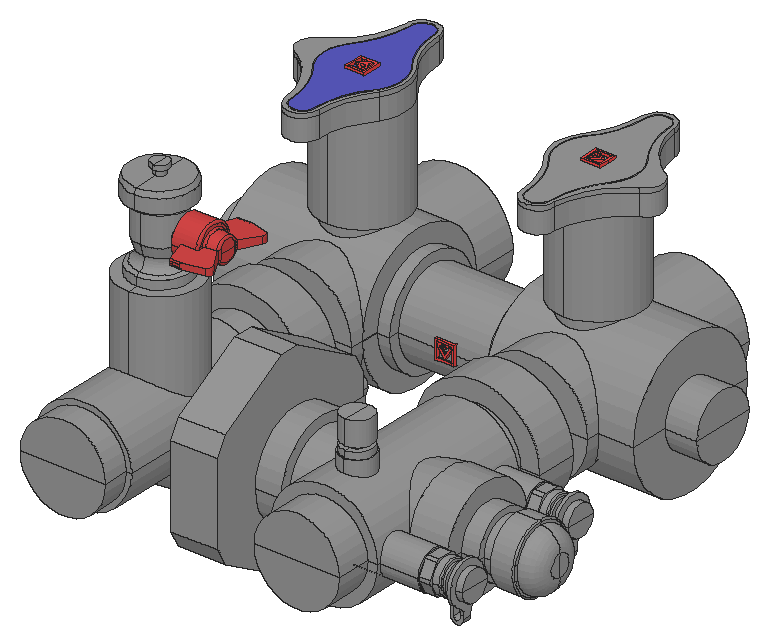
Revit family "HerzCon-Fan-coils and terminal units connection 120mm", category Rohrzubehör, Revit 2019
Family settings
  Bemaßung runder Anschluss = Durchmesser verwenden
  Teiletyp = Unterbricht
  OmniClass-Nummer = 23.65.55.14
  OmniClass-Titel = Valves for Liquid Services
  Arbeitsebenenbasiert = Nein
  Immer vertikal = Ja
  Beim Laden mit Abzugskörper schneiden = Nein
  Gemeinsam genutzt = Nein
Parameters (values of type "DN32")
  kvs-Wert (normal funktion) = 4.57  # constant formula
  kvs-Wert (bypass funktion) = 14.2  # constant formula
  URL = "www.herzvalves.com"
  SCRNSEQ = "ARM;TYP_ARM=\"DURR\";02"
  SCRNCODE = "05;04;04"  # constant formula
  Part number [instance] = 1460054  # constant formula
  Nennweite SF [instance] = 40.00 mm  # constant formula
  Nennweite Kombi [instance] = 40.00 mm  # constant formula
  Nennweite KH [instance] = 32.00 mm  # constant formula
  Min. operating temperature = -20 °C  # constant formula
  Membranes and O-rings = "EPDM"  # constant formula
  Medium = "Water purity in accordance with the ÖNORM H 5195 and VDI 2035 standards.\r\nEthylene and propylene glycol can be mixed to a ratio of 25 - 50 vol. [%]."
  Max. operating temperature = 130 °C  # constant formula
  Max. operating pressure = 2500000.0 Pa  # constant formula
  Max. differential pressure = 400000.0 Pa  # constant formula
  L11 = 16.00 mm  # constant formula
  L10 = 29.30 mm  # constant formula
  L09 = 20.00 mm  # constant formula
  L08 = 14.75 mm  # constant formula
  L07 = 19.25 mm  # constant formula
  L06 = 17.00 mm  # constant formula
  L05 = 26.50 mm  # constant formula
  L04 = 55.00 mm  # constant formula
  L03 = 22.40 mm  # constant formula
  L02 = 6.10 mm  # constant formula
  L01 = 15.00 mm  # constant formula
  L00 [instance] = 226.20 mm  # constant formula
  KR02 = 18.25 mm  # constant formula
  KR01 = 35.00 mm  # constant formula
  KL09 = 4.70 mm  # constant formula
  KL08 = KL06 + KL07  # 70.70 mm
  KL07 = 21.80 mm  # constant formula
  KL06 = KH01 + KL05  # 48.90 mm
  KL05 = 15.40 mm  # constant formula
  KL04 = 12.00 mm  # constant formula
  KL03 = KH03 - 9.00 mm  # 57.00 mm
  KL02 = 16.00 mm  # constant formula
  KL01 = 114.00 mm  # constant formula
  KH03 = 66.00 mm  # constant formula
  KH02 = KH01 + KD01  # 58.50 mm
  KH01 = 33.50 mm  # constant formula
  KD09 = 11.25 mm  # constant formula
  KD08 = 24.50 mm  # constant formula
  KD07 = 23.30 mm  # constant formula
  KD06 = 15.00 mm  # constant formula
  KD05 = 12.50 mm  # constant formula
  KD04 = 13.90 mm  # constant formula
  KD03 = 20.00 mm  # constant formula
  KD02 = 20.00 mm  # constant formula
  KD01 = 25.00 mm  # constant formula
  Lift = "4 mm"  # constant formula
  Hersteller = "HERZ Armaturen Ges.m.b.H."  # constant formula
  H01 = D02 + 1.00 mm  # 34.00 mm
  D10 = 21.40 mm  # constant formula
  D09 = 13.00 mm  # constant formula
  D08 = 18.40 mm  # constant formula
  D07 = 39.00 mm  # constant formula
  D06 = 45.00 mm  # constant formula
  D05 = 54.50 mm  # constant formula
  D04 = 20.00 mm  # constant formula
  D03 = 24.50 mm  # constant formula
  D02 = 33.00 mm  # constant formula
  D01 = 15.00 mm  # constant formula
  Body = "dezincification-resistant brass"  # constant formula
  Application = "HerzCON has been designed to give a simple connection to fan-coils, or other terminal units, and utilises the HERZ 4006 SMART Pressure Independent Balancing Control Valve with HERZ multifunctional ball valve and a HERZ strainer with HERZ drain valve 2512.\r\nOn/off or modulating 0 – 10 V DC actuators can be fitted and integrated to a BMS if required.\r\nThe unit allows pressure independent control ensuring full stroke regardless of pressure fluctuations, while guaranteeing a constant flow rate to the terminal unit maximising energy efficiency for the system.\r\nThe HerzCON unit also permits flushing and isolating operations to be undertaken.\r\nThis means there is no product differentiation between heating and chilled, one unit does both applications.\r\nThe drain cock fitted to the strainer allows flushing without the need to remove the strainer basket and also allows the strainer basket to be cleaned in-situ."
Reference planes
  plane 1 "Mitte (Vorne/hinten)": y = 0
  plane 2: z = 0
  plane 3 "Mitte (Links/rechts)": x = 0
Forms (mm)
  Revolve 1, solid, material "Messing, weicher Gelbton, geschweißt", detail levels fine
    sketch origin (0, -1.436, 0) x (1, 0, 0) y (0, 1, 0)
      loop
        line (-113.1, 1.436) -> (113.1, 1.436) -> (113.1, 16.436) -> (98.1, 16.436) -> (98.1, 34.436) -> (28.5, 34.436) -> (28.5, 25.936) -> (22.4, 25.936) -> (22.4, 21.436) -> (-22.4, 21.436) -> (-22.4, 25.936) -> (-28.5, 25.936) -> (-28.5, 34.436) -> (-98.1, 34.436) -> (-98.1, 16.436) -> (-113.1, 16.436) -> (-113.1, 1.436)
      axis (113.1, 1.436) -> (-113.1, 1.436)
    angle from 0 to 360
  Revolve 2, solid, material "Messing, weicher Gelbton, geschweißt", detail levels fine
    sketch origin (0, 0, 0) x (-1, 0, 0) y (0, 1, 0)
      loop
        line (-55, -57.4) -> (-55, 33.1) -> (-71, 33.1) -> (-71, 54.5) -> (-81.5, 54.5) -> (-81.5, -39) -> (-69.75, -39) -> (-69.75, -51.4) -> (-84.3, -51.4) -> (-84.3, -70.4) -> (-75, -70.4) -> (-75, -57.4) -> (-55, -57.4)
      axis (-55, -70.4) -> (-55, 54.5)
    angle from 0 to 360
  Revolve 3, solid, material "Messing, weicher Gelbton, geschweißt", detail levels fine
    sketch origin (0, 0, 0) x (1, 0, 0) y (0, 0, 1)
      loop
        line (-55, 0) -> (-55, 45) -> (-72, 45) -> (-72, 0) -> (-55, 0)
      axis (-55, 45) -> (-55, 0)
    angle from 0 to 360
  Revolve 4, solid, material "Messing, weicher Gelbton, geschweißt", detail levels fine
    sketch origin (0, 0, 0) x (-1, 0, 0) y (0, 0, 1)
      loop
        line (-55, 0) -> (-55, 45) -> (-72, 45) -> (-72, 0) -> (-55, 0)
      axis (-55, 45) -> (-55, 0)
    angle from 0 to 360
  Revolve 5, solid, material "Messing, weicher Gelbton, geschweißt", detail levels fine
    sketch origin (0, 0, 0) x (1, 0, 0) y (0, 1, 0)
      loop
        line (-55, -57.4) -> (-55, 33.1) -> (-71, 33.1) -> (-71, 54.5) -> (-81.5, 54.5) -> (-81.5, -39) -> (-69.75, -39) -> (-69.75, -51.4) -> (-84.3, -51.4) -> (-84.3, -70.4) -> (-75, -70.4) -> (-75, -57.4) -> (-55, -57.4)
      axis (-55, -70.4) -> (-55, 54.5)
    angle from 0 to 360
  Revolve 6, solid, material "Messing, weicher Gelbton, geschweißt", detail levels fine
    sketch origin (10, 7.177, 0) x (1, 0, 0) y (0, 1, 0)
      loop
        line (45, -68.677) -> (25, -68.677) -> (25, -84.677) -> (20, -84.677) -> (20, -166.677) -> (25, -166.677) -> (25, -182.677) -> (45, -182.677) -> (45, -68.677)
      axis (45, -68.677) -> (45, -182.677)
    angle from 0 to 360
  Revolve 7, solid, material "Messing, weicher Gelbton, geschweißt", detail levels fine
    sketch origin (10, -105.85, 0) x (1, 0, 0) y (0, 1, 0)
      loop
        line (11.5, -12.65) -> (11.5, -32.65) -> (45, -32.65) -> (70, -35.95) -> (87.8, -35.95) -> (87.8, -27.65) -> (96.3, -27.65) -> (96.3, -25.15) -> (102, -25.15) -> (102, -26.55) -> (111, -26.55) -> (111, -12.65) -> (11.5, -12.65)
      axis (11.5, -12.65) -> (111, -12.65)
    angle from 0 to 360
  Revolve 8, solid, material "Messing, weicher Gelbton, geschweißt", detail levels fine
    sketch origin (10, -105.85, 0) x (1, 0, 0) y (0, 1, 0)
      loop
        line (11.5, -12.65) -> (-3.9, -12.65) -> (-3.9, -23.9) -> (-0.5, -23.9) -> (-0.5, -37.15) -> (11.5, -37.15) -> (11.5, -12.65)
      axis (-3.9, -12.65) -> (11.5, -12.65)
    angle from 0 to 360
  Extrusion 9, solid, material "Messing, weicher Gelbton, geschweißt", detail levels fine
    sketch origin (-4.9, 62.574, 0) x (0, 1, 0) y (0, 0, 1)
      loop
        line (-176.324, 46) -> (-185.824, 46) -> (-218.536, 27.114) -> (-223.286, 18.886) -> (-223.286, -18.886) -> (-218.536, -27.114) -> (-185.824, -46) -> (-176.324, -46) -> (-143.612, -27.114) -> (-138.862, -18.886) -> (-138.862, 18.886) -> (-143.612, 27.114) -> (-176.324, 46)
    from 11 to -10.8
  Revolve 10, solid, material "Messing, weicher Gelbton, geschweißt", detail levels fine
    sketch origin (-4.9, -105.85, 0) x (1, 0, 0) y (0, 1, 0)
      loop
        line (-10.8, -12.65) -> (-10.8, 22.35) -> (-15.5, 5.6) -> (-15.5, -12.65) -> (-10.8, -12.65)
      axis (-15.5, -12.65) -> (-10.8, -12.65)
    angle from 0 to 360
  Extrusion 11, solid, material "Messing, weicher Gelbton, geschweißt", detail levels fine
    sketch origin (-4.9, -105.85, 0) x (1, 0, 0) y (0, 0, 1)
      loop
        line (11, 8) -> (-7.5, 8)
        arc (-7.5, 8) -> (-15.5, 0) -> (-7.5, -8) r 8
        line (-7.5, -8) -> (11, -8) -> (11, 8)
    from -30.847 to 12.65
  Revolve 12, solid, material "Messing, weicher Gelbton, geschweißt", detail levels fine
    sketch origin (-4.9, -105.85, 0) x (1, 0, 0) y (0, 1, 0)
      loop
        line (-14.5, 30.847) -> (-7.5, 30.847) -> (-7.5, 46.847) -> (-14.5, 46.847) -> (-14.5, 35.847) -> (-11.5, 35.847) -> (-11.5, 33.847) -> (-14.5, 33.847) -> (-14.5, 30.847)
      axis (-7.5, 46.847) -> (-7.5, 30.847)
    angle from 0 to 360
  Revolve 13, solid, material "Messing, weicher Gelbton, geschweißt", detail levels fine
    sketch origin (55, -105.85, 0) x (0, 1, 0) y (0, 0, 1)
      loop
        line (-34.65, 0) -> (-26.85, 0) -> (-26.85, 31) -> (-27.65, 31) -> (-27.65, 34) -> (-30.65, 34) -> (-30.65, 36) -> (-27.65, 36) -> (-27.65, 47) -> (-34.65, 47) -> (-34.65, 0)
      axis (-34.65, 47) -> (-34.65, 0)
    angle from 0 to 360
  Revolve 14, solid, material "Messing, weicher Gelbton, geschweißt", detail levels fine
    sketch origin (0, 0, 0) x (1, 0, 0) y (0, 1, 0)
      loop
        line (55, -96.5) -> (97.8, -96.5) -> (97.8, -87.5) -> (55, -87.5) -> (55, -96.5)
      axis (97.8, -87.5) -> (55, -87.5)
    angle from 0 to 360
  Revolve 15, solid, material "Messing, weicher Gelbton, geschweißt", detail levels fine
    sketch origin (0, -396.8, 0) x (1, 0, 0) y (0, -1, 0)
      loop
        line (55, -256.3) -> (97.8, -256.3) -> (97.8, -247.3) -> (55, -247.3) -> (55, -256.3)
      axis (97.8, -247.3) -> (55, -247.3)
    angle from 0 to 360
  Revolve 16, solid, material "Messing, weicher Gelbton, geschweißt", detail levels fine
    sketch origin (0, 251.113, 0) x (1, 0, 0) y (0, 1, 0)
      loop
        line (-55, -312.613) -> (-75, -312.613) -> (-75, -335.613) -> (-77.5, -335.613) -> (-77.5, -413.943) -> (-75, -413.943) -> (-75, -425.613) -> (-55, -425.613) -> (-55, -312.613)
      axis (-55, -312.613) -> (-55, -425.613)
    angle from 0 to 360
  Revolve 17, solid, material "Messing, weicher Gelbton, geschweißt", detail levels fine
    sketch origin (-55, 0, 0) x (0, 1, 0) y (0, 0, 1)
      loop
        line (-105, 0) -> (-105, -36)
        arc (-105, -36) -> (-92.506, -32.657) -> (-84.5, -22.5) r 20.5
        line (-84.5, -22.5) -> (-84.5, 0) -> (-105, 0)
      axis (-105, 0) -> (-105, -36)
    angle from 0 to 360
  Revolve 18, solid, material "Messing, weicher Gelbton, geschweißt", detail levels fine
    sketch origin (-55, -511.376, 0) x (0, 1, 0) y (0, 0, 1)
      loop
        line (393.376, 0) -> (411.876, 0) -> (411.876, 57) -> (406.876, 57) -> (406.876, 61) -> (404.999, 62.084)
        arc (404.999, 62.084) -> (402.831, 64.622) -> (402.743, 67.959) r 5
        line (402.743, 67.959) -> (404.381, 73) -> (404.381, 88) -> (406.581, 88) -> (406.581, 89.5) -> (408.361, 89.5) -> (408.361, 96) -> (407.361, 98.5) -> (395.861, 98.5) -> (395.861, 101.5) -> (397.361, 101.5) -> (397.361, 103.5) -> (393.376, 103.5) -> (393.376, 0)
      axis (393.376, 103.5) -> (393.376, 0)
    angle from 0 to 360
  Extrusion 19, solid, material "Messing, weicher Gelbton, geschweißt", detail levels fine
    sketch origin (5.52, -501.459, 12) x (0, 1, 0) y (0, 0, 1)
      loop
        circle (383.459, 65) r 5.5
    from -60.52 to -43.52
Dimensions and locks
  "L00": Revolve 1 sketch curve to Revolve 1 sketch curve
  "L01": Revolve 1 sketch curve to Revolve 1 sketch curve  (x2)
  "L02": Revolve 1 sketch curve to Revolve 1 sketch curve  (x2)
  equal spacing: Revolve 1 sketch curve, plane 3 "Mitte (Links/rechts)", Revolve 1 sketch curve
  "D01": Revolve 1 sketch curve to Revolve 1 sketch curve  (x2)
  "D02": Revolve 1 sketch curve to Revolve 1 sketch curve  (x2)
  "D03": Revolve 1 sketch curve to Revolve 1 sketch curve  (x2)
  "D04": Revolve 1 sketch curve to Revolve 1 sketch curve
  "D04": nested 2 to plane 1 "Mitte (Vorne/hinten)"
  "D04": nested 1 to plane 1 "Mitte (Vorne/hinten)"
  "L03": Revolve 1 sketch curve to plane 3 "Mitte (Links/rechts)" to Revolve 1 sketch curve
  "L05": Revolve 2 sketch curve to Revolve 2 sketch curve
  "L04": plane 3 "Mitte (Links/rechts)" to Revolve 2 sketch curve  (x2)
  "L04": plane 3 "Mitte (Links/rechts)" to Revolve 3 sketch curve  (x2)
  "L06": Revolve 3 sketch curve to Revolve 3 sketch curve
  "D06": Revolve 3 sketch curve to plane 2
  "L06": Revolve 4 sketch curve to Revolve 4 sketch curve
  "D06": Revolve 4 sketch curve to plane 2
  "L04": plane 3 "Mitte (Links/rechts)" to Revolve 4 sketch curve
  "L04": Revolve 4 sketch curve to plane 3 "Mitte (Links/rechts)"
  "L04": plane 3 "Mitte (Links/rechts)" to nested 3
  "L04": nested 4 to plane 3 "Mitte (Links/rechts)"
  "H01": nested 3 to plane 2
  "H01": nested 4 to plane 2
  "D05": plane 1 "Mitte (Vorne/hinten)" to Revolve 2 sketch curve
  "D07": Revolve 2 sketch curve to plane 1 "Mitte (Vorne/hinten)"
  "D08": Revolve 2 sketch curve to Revolve 2 sketch curve
  "L08": Revolve 2 sketch curve to Revolve 2 sketch curve
  "L10": Revolve 2 sketch curve to Revolve 2 sketch curve
  "L09": Revolve 2 sketch curve to Revolve 2 sketch curve
  "D09": Revolve 2 sketch curve to Revolve 2 sketch curve
  "L05": Revolve 5 sketch curve to Revolve 5 sketch curve
  "D08": Revolve 5 sketch curve to Revolve 5 sketch curve
  "L08": Revolve 5 sketch curve to Revolve 5 sketch curve
  "L10": Revolve 5 sketch curve to Revolve 5 sketch curve
  "L09": Revolve 5 sketch curve to Revolve 5 sketch curve
  "D09": Revolve 5 sketch curve to Revolve 5 sketch curve
  "D05": plane 1 "Mitte (Vorne/hinten)" to Revolve 5 sketch curve
  "D07": Revolve 5 sketch curve to plane 1 "Mitte (Vorne/hinten)"
  "L11": Revolve 5 sketch curve to Revolve 5 sketch curve
  "L04": Revolve 5 sketch curve to plane 3 "Mitte (Links/rechts)"  (x2)
  "D10": Revolve 5 sketch curve to Revolve 5 sketch curve
  "L11": Revolve 2 sketch curve to Revolve 2 sketch curve
  "D10": Revolve 2 sketch curve to Revolve 2 sketch curve
  "KD02": Revolve 6 sketch curve to Revolve 6 sketch curve  (x2)
  "KD01": Revolve 6 sketch curve to Revolve 6 sketch curve
  Revolve 6 sketch curve to Revolve 6 sketch curve = 114.00 mm
  "KL02": Revolve 6 sketch curve to Revolve 6 sketch curve  (x2)
  equal spacing: Revolve 6, Revolve 7 sketch curve, Revolve 6  (x2)
  Revolve 7 sketch curve to Revolve 7 sketch curve = 99.50 mm
  Revolve 7 sketch curve to Revolve 7 sketch curve = 9.00 mm
  Revolve 7 sketch curve to Revolve 7 sketch curve = 5.70 mm
  Revolve 7 sketch curve to Revolve 7 sketch curve = 8.50 mm
  "KD04": Revolve 7 sketch curve to Revolve 7 sketch curve
  "KD05": Revolve 7 sketch curve to Revolve 7 sketch curve
  "KD06": Revolve 7 sketch curve to Revolve 7 sketch curve
  "KD03": Revolve 7 sketch curve to Revolve 7 sketch curve
  "KH01": Revolve 7 sketch curve to Revolve 7 sketch curve
  "KH02": Revolve 7 sketch curve to Revolve 7 sketch curve
  "KH01": Revolve 8 sketch curve to Revolve 7
  equal spacing: Revolve 6, Revolve 8 sketch curve, Revolve 6  (x2)
  "KD08": Revolve 8 sketch curve to Revolve 8 sketch curve
  "KD09": Revolve 8 sketch curve to Revolve 8 sketch curve
  "KL05": Revolve 8 sketch curve to Revolve 8 sketch curve
  "KL04": Revolve 8 sketch curve to Revolve 8 sketch curve
  equal spacing: Revolve 6, Revolve 10 sketch curve, Revolve 6  (x2)
  "KR02": Revolve 10 sketch curve to Revolve 10 sketch curve
  "KR01": Revolve 10 sketch curve to Revolve 10 sketch curve
  "KL09": Revolve 10 sketch curve to Extrusion 9
  equal spacing: Revolve 6, nested 5, Revolve 6
  Revolve 12 sketch curve to Revolve 12 sketch curve = 7.00 mm  (x2)
  Revolve 12 sketch curve to Revolve 12 sketch curve = 4.00 mm
  Revolve 12 sketch curve to Revolve 12 sketch curve = 3.00 mm
  Revolve 12 sketch curve to Revolve 12 sketch curve = 2.00 mm
  Revolve 12 sketch curve to Revolve 12 sketch curve = 11.00 mm
  Revolve 10 to Revolve 12 sketch curve = 1.00 mm
  Revolve 10 to Revolve 12 sketch curve = 8.00 mm
  Extrusion 11 to Revolve 12 sketch curve = 43.497 mm
  equal spacing: Revolve 6, Extrusion 11, Revolve 6
  Revolve 13 sketch curve to Revolve 13 sketch curve = 7.80 mm
  Revolve 13 sketch curve to Revolve 13 sketch curve = 7.00 mm  (x2)
  Revolve 13 sketch curve to Revolve 13 sketch curve = 4.00 mm
  Revolve 13 sketch curve to Revolve 13 sketch curve = 3.00 mm
  Revolve 13 sketch curve to Revolve 13 sketch curve = 2.00 mm
  Revolve 13 sketch curve to Revolve 13 sketch curve = 11.00 mm
  "L04": plane 3 "Mitte (Links/rechts)" to Revolve 6 sketch curve  (x2)
  "KH03": Revolve 7 sketch curve to Revolve 7 sketch curve
  "KD07": Revolve 7 sketch curve to Revolve 7 sketch curve
  "KL03": Revolve 7 to nested 5
  "KL06": Extrusion 9 to Revolve 7
  Extrusion 9 sketch curve to Extrusion 9 sketch curve = 92.00 mm  (x3)
  Extrusion 9 sketch curve to Extrusion 9 sketch curve = 84.424 mm  (x3)
  "KL07": Extrusion 9 to Extrusion 9
  "KL08": Revolve 10 sketch curve to Revolve 7
  Revolve 6 to Extrusion 9 sketch curve = 14.788 mm
  Extrusion 9 sketch curve to Revolve 6 = 14.788 mm
  Extrusion 11 sketch curve to Extrusion 11 sketch curve = 26.50 mm
  Revolve 14 sketch curve to Revolve 14 sketch curve = 42.80 mm
  Revolve 14 sketch curve to Revolve 14 sketch curve = 9.00 mm
  Revolve 14 sketch curve to Revolve 6 = 26.00 mm  (x2)
  Revolve 15 sketch curve to Revolve 15 sketch curve = 42.80 mm
  Revolve 15 sketch curve to Revolve 15 sketch curve = 9.00 mm
  Revolve 6 to Revolve 15 sketch curve = 26.00 mm  (x2)
  Revolve 6 to nested 6 = 26.00 mm
  Revolve 7 to nested 6 = 42.80 mm
  nested 7 to Revolve 6 = 26.00 mm
  Revolve 7 to nested 7 = 42.80 mm
  Revolve 13 sketch curve to plane 2 = 31.00 mm
  Revolve 13 sketch curve to Revolve 6 = 35.00 mm  (x2)
  Revolve 2 to Revolve 6 = 230.00 mm
  Revolve 16 sketch curve to Revolve 16 sketch curve = 23.00 mm
  Revolve 16 sketch curve to Revolve 16 sketch curve = 11.67 mm
  Revolve 16 sketch curve to Revolve 16 sketch curve = 113.00 mm
  "L04": Revolve 16 sketch curve to plane 3 "Mitte (Links/rechts)"  (x2)
  Revolve 16 sketch curve to Revolve 16 sketch curve = 20.00 mm  (x2)
  Revolve 16 sketch curve to Revolve 16 sketch curve = 22.50 mm
  Revolve 17 sketch curve to Revolve 17 sketch curve = 22.50 mm
  Revolve 17 sketch curve to Revolve 17 sketch curve = 20.50 mm
  "L04": Revolve 17 to plane 3 "Mitte (Links/rechts)"
  Revolve 18 sketch curve to Revolve 18 sketch curve = 13.50 mm
  "L04": Revolve 18 to plane 3 "Mitte (Links/rechts)"
  Revolve 18 sketch curve to plane 2 = 57.00 mm
  Revolve 18 sketch curve to Revolve 18 sketch curve = 4.00 mm
  equal spacing: Revolve 16, Revolve 18 sketch curve, Revolve 16  (x2)
  "L04": Extrusion 19 to plane 3 "Mitte (Links/rechts)"
  Extrusion 19 to Extrusion 19 = 17.00 mm
  Revolve 18 to Extrusion 19 = 11.00 mm
  Revolve 18 to nested 8 = 11.00 mm
  equal spacing: Revolve 16, nested 8, Revolve 16
  equal spacing: Revolve 16, Extrusion 19 sketch curve, Revolve 16
  Revolve 16 to Revolve 5 = 229.00 mm
  Revolve 16 to Revolve 17 sketch curve = 43.50 mm  (x2)
  plane 2 to Revolve 17 sketch curve = 36.00 mm
  radius of Extrusion 11 sketch curve = 8.00 mm
  radius of Extrusion 19 sketch curve = 5.50 mm
  aligned and locked: level to plane 2
Automatic sketch dimensions
  Extrusion 9 sketch curve to level = 27.114 mm  (x2)
  Extrusion 9 sketch curve to Extrusion 9 sketch curve = 4.75 mm  (x2)
  level to Extrusion 9 sketch curve = 27.114 mm  (x2)
  Extrusion 9 sketch curve to Extrusion 9 sketch curve = 32.712 mm  (x2)
  level to Extrusion 9 sketch curve = 46.00 mm
  Extrusion 9 sketch curve to Extrusion 9 sketch curve = 9.50 mm
  Extrusion 9 sketch curve to Extrusion 9 sketch curve = 8.227 mm  (x2)
  Extrusion 11 sketch curve to level = 0.00 mm
  Extrusion 11 sketch curve to plane 3 "Mitte (Links/rechts)" = 12.40 mm
  Revolve 12 sketch curve to Revolve 12 sketch curve = 1.775 mm
  Revolve 12 sketch curve to Revolve 12 sketch curve = 4.225 mm
  Revolve 13 sketch curve to level = 0.00 mm
  level to Revolve 13 sketch curve = 7.505 mm
  Revolve 13 sketch curve to Revolve 13 sketch curve = 10.256 mm
  plane 3 "Mitte (Links/rechts)" to Revolve 14 sketch curve = 55.00 mm
  Revolve 14 sketch curve to Revolve 14 sketch curve = 12.80 mm
  Revolve 14 sketch curve to Revolve 14 sketch curve = 5.00 mm
  Revolve 15 sketch curve to plane 3 "Mitte (Links/rechts)" = 55.00 mm
  Revolve 15 sketch curve to Revolve 15 sketch curve = 12.80 mm
  Revolve 15 sketch curve to Revolve 15 sketch curve = 5.00 mm
  Revolve 17 sketch curve to level = 0.00 mm
  Revolve 17 sketch curve to Revolve 17 sketch curve = 1.219 mm
  Revolve 17 sketch curve to Revolve 17 sketch curve = 6.00 mm
  Revolve 17 sketch curve to level = 5.00 mm
  Revolve 18 sketch curve to level = 0.00 mm
  Revolve 18 sketch curve to Revolve 18 sketch curve = 2.485 mm
  Revolve 18 sketch curve to Revolve 18 sketch curve = 1.50 mm  (x2)
  level to Revolve 18 sketch curve = 67.959 mm
  Revolve 18 sketch curve to Revolve 18 sketch curve = 6.883 mm
  Revolve 18 sketch curve to Revolve 18 sketch curve = 8.52 mm
  level to Revolve 18 sketch curve = 62.084 mm
  Revolve 18 sketch curve to Revolve 18 sketch curve = 2.255 mm
  Revolve 18 sketch curve to Revolve 18 sketch curve = 2.20 mm
  level to Revolve 18 sketch curve = 98.50 mm
  Revolve 18 sketch curve to Revolve 18 sketch curve = 0.78 mm
  Revolve 18 sketch curve to Revolve 18 sketch curve = 2.50 mm  (x2)
  Revolve 18 sketch curve to Revolve 18 sketch curve = 1.78 mm
  Revolve 18 sketch curve to Revolve 18 sketch curve = 5.041 mm
  Revolve 18 sketch curve to Revolve 18 sketch curve = 10.50 mm
  Revolve 18 sketch curve to Revolve 18 sketch curve = 3.00 mm
  Revolve 18 sketch curve to Revolve 18 sketch curve = 2.00 mm
  Revolve 18 sketch curve to Revolve 18 sketch curve = 8.124 mm
  Revolve 18 sketch curve to Revolve 18 sketch curve = 5.00 mm
  Revolve 18 sketch curve to Revolve 18 sketch curve = 21.227 mm
  level to Extrusion 19 sketch curve = 77.00 mm
  Revolve 1 sketch curve to plane 1 "Mitte (Vorne/hinten)" = 0.00 mm
  plane 1 "Mitte (Vorne/hinten)" to Revolve 1 sketch curve = 0.00 mm
  Revolve 1 sketch curve to Revolve 1 sketch curve = 1904.835 mm  (x2)
  Revolve 2 sketch curve to Revolve 2 sketch curve = 6.00 mm
  Revolve 2 sketch curve to Revolve 2 sketch curve = 7.746 mm
  Revolve 2 sketch curve to Revolve 2 sketch curve = 7.208 mm
  Revolve 3 sketch curve to level = 0.00 mm  (x2)
  Revolve 3 sketch curve to Revolve 3 sketch curve = 6.726 mm
  Revolve 4 sketch curve to level = 0.00 mm  (x2)
  Revolve 4 sketch curve to Revolve 4 sketch curve = 6.726 mm
  Revolve 5 sketch curve to Revolve 5 sketch curve = 6.00 mm
  Revolve 5 sketch curve to Revolve 5 sketch curve = 7.746 mm
  Revolve 5 sketch curve to Revolve 5 sketch curve = 7.208 mm
  plane 1 "Mitte (Vorne/hinten)" to Revolve 6 sketch curve = 175.50 mm
  Revolve 6 sketch curve to Revolve 6 sketch curve = 6.00 mm
  Revolve 6 sketch curve to Revolve 6 sketch curve = 5.00 mm
  plane 3 "Mitte (Links/rechts)" to Revolve 7 sketch curve = 21.50 mm
  Revolve 7 sketch curve to Revolve 7 sketch curve = 5.00 mm
  Revolve 7 sketch curve to Revolve 7 sketch curve = 11.575 mm
  Revolve 8 sketch curve to Revolve 8 sketch curve = 2.197 mm
  Revolve 8 sketch curve to Revolve 8 sketch curve = 3.212 mm
  Revolve 10 sketch curve to Revolve 10 sketch curve = 0.00 mm  (x2)
  plane 1 "Mitte (Vorne/hinten)" to Revolve 16 sketch curve = 174.50 mm
  Revolve 16 sketch curve to Revolve 16 sketch curve = 26.33 mm
  Revolve 16 sketch curve to Revolve 16 sketch curve = 12.00 mm
Nested families
  nested 1: "Herz-Logo-vorne" at (0, -20, 0) x (0, 1, 0) z (0, 0, 1), type "Herz-Logo-vorne", detail levels fine
  nested 2: "Herz-Logo-vorne" at (0, 20, 0) x (0, 1, 0) z (0, 0, 1), type "Herz-Logo-vorne", detail levels fine
  nested 3: "Handrad (blau) für HerzCon DN25-DN32" at (-55, 0, 34) x (0, -1, 0) z (0, 0, 1), type "Handrad (blau) für HerzCon DN25-DN32", detail levels fine
  nested 4: "Handrad (rot) für HerzCon DN25-DN32" at (55, 0, 34) x (0, 1, 0) z (0, 0, 1), type "Handrad (rot) für HerzCon DN25-DN32", detail levels fine
  nested 5: "Bauschutzkappe für HerCon" at (112, -118.5, 0), type "Bauschutzkappe für HerCon", detail levels fine
  nested 6: "Messstutzen_Band_Eintritt" at (80.3, -149.5, 0) x (0, 1, 0) z (0, 0, 1), type "Messstutzen_Band_Eintritt", detail levels fine
    with Schutzkappe yes, Nennweite 0.00 mm, Gewicht 0.00 kg, Bestellnummer 0
  nested 7: "Messstutzen_Band_Austritt" at (80.3, -87.5, 0) x (0, 1, 0) z (0, 0, 1), type "Messstutzen_Band_Austritt", detail levels fine
    with Schutzkappe yes, Nennweite 0.00 mm, Gewicht 0.00 kg, Bestellnummer 0
  nested 8: "Flügelgriff rot (seite)" at (-42, -118, 77), type "Flügelgriff rot (seite)"
Connectors
  piping at (55, -175.5, 0), diameter 40, driven by "Nennweite Kombi"
    settings: on Revolve 6, index 1, connector inside diameter 609.6 mm, connector length 0.00 mm, flow factor 0, pipe flow 0.0 L/s, pressure drop 0.0 Pa, fitting loss kfactor 0, connector angle 0.00°, fixture units 0, engagement length 0.00 mm, angle of deflection 0.00°, flow configuration 0, flow direction 1, fitting loss method 0, system type 7, joint type 0, gender type 0, connector reference index -1, connector utility 0, adjustable connector no, is connector primary yes, connector description ""
  piping at (-55, -174.5, 0), diameter 40, driven by "Nennweite SF"
    settings: on Revolve 16, index 2, connector inside diameter 609.6 mm, connector length 0.00 mm, flow factor 0, pipe flow 0.0 L/s, pressure drop 0.0 Pa, fitting loss kfactor 0, connector angle 0.00°, fixture units 0, engagement length 0.00 mm, angle of deflection 0.00°, flow configuration 0, flow direction 2, fitting loss method 0, system type 8, joint type 0, gender type 0, connector reference index -1, connector utility 0, adjustable connector no, is connector primary no, connector description ""
  piping at (55, 33.1, 0), diameter 32, driven by "Nennweite KH"
    settings: on Revolve 2, index 3, connector inside diameter 609.6 mm, connector length 0.00 mm, flow factor 0, pipe flow 0.0 L/s, pressure drop 0.0 Pa, fitting loss kfactor 0, connector angle 0.00°, fixture units 0, engagement length 0.00 mm, angle of deflection 0.00°, flow configuration 0, flow direction 2, fitting loss method 0, system type 7, joint type 0, gender type 0, connector reference index -1, connector utility 0, adjustable connector no, is connector primary no, connector description ""
  piping at (-55, 33.1, 0), diameter 32, driven by "Nennweite KH"
    settings: on Revolve 5, index 4, connector inside diameter 609.6 mm, connector length 0.00 mm, flow factor 0, pipe flow 0.0 L/s, pressure drop 0.0 Pa, fitting loss kfactor 0, connector angle 0.00°, fixture units 0, engagement length 0.00 mm, angle of deflection 0.00°, flow configuration 0, flow direction 1, fitting loss method 0, system type 8, joint type 0, gender type 0, connector reference index -1, connector utility 0, adjustable connector no, is connector primary no, connector description ""
Definition of nested family "Herz-Logo-vorne"
  Reference planes
    plane 1 "Mitte (Vorne/hinten)": y = 0
    plane 2: z = 0
    plane 3 "Mitte (Links/rechts)": x = 0
  Forms (mm)
    Extrusion 1, solid
      sketch origin (0.732, -0.018, 0.017) x (0, -1, 0) y (0, 0, 1)
        loop
          line (-0.018, -4.517) -> (4.482, -4.517) -> (4.482, 4.483) -> (-4.518, 4.483) -> (-4.518, -4.517) -> (-0.018, -4.517)
        loop
          line (-0.05, -3.48) -> (3.482, -3.48) -> (3.482, 3.483) -> (-3.518, 3.483) -> (-3.518, -3.48) -> (-0.05, -3.48)
        loop
          arc (-0.018, 2.383) -> (-1.543, 3.287) -> (-3.067, 2.383) r 1.738
          arc (-3.067, 2.383) -> (-3.191, 1.899) -> (-3.067, 1.415) r 1.009
          line (-3.067, 1.415) -> (-0.018, -3.281) -> (3.032, 1.415)
          arc (3.032, 1.415) -> (3.156, 1.899) -> (3.032, 2.383) r 1.009
          arc (3.032, 2.383) -> (1.507, 3.287) -> (-0.018, 2.383) r 1.738
        loop
          arc (1.885, 1.272) -> (2.005, 1.675) -> (1.885, 2.079) r 0.74
          arc (1.885, 2.079) -> (1.265, 2.416) -> (0.644, 2.079) r 0.74
          line (0.644, 2.079) -> (-0.018, 0.97) -> (-0.679, 2.079)
          arc (-0.679, 2.079) -> (-1.3, 2.416) -> (-1.921, 2.079) r 0.74
          arc (-1.921, 2.079) -> (-2.04, 1.675) -> (-1.921, 1.272) r 0.74
          line (-1.921, 1.272) -> (-0.018, -1.658) -> (1.885, 1.272)
      from 0 to 1.5
  Dimensions and locks
    aligned and locked: level to plane 2
Definition of nested family "Handrad (blau) für HerzCon DN25-DN32"
  Reference planes
    plane 1 "Mitte (Vorne/hinten)": y = 0
    plane 2: z = 0
    plane 3 "Mitte (Links/rechts)": x = 0
  Forms (mm)
    Extrusion 1, solid, detail levels fine
      sketch origin (0, 0, 0) x (1, 0, 0) y (0, 1, 0)
        loop
          circle (0, 0) r 20
      from 0 to 45
    Extrusion 2, solid, detail levels fine
      sketch origin (0, 0, 0) x (1, 0, 0) y (0, 1, 0)
        loop
          arc (-35, 7.5) -> (-42.5, 0) -> (-35, -7.5) r 7.5
          arc (-35, -7.5) -> (-19.287, -13.2) -> (-7.275, -24.825) r 40
          arc (-7.275, -24.825) -> (0, -30) -> (7.275, -24.825) r 7.7
          arc (7.275, -24.825) -> (19.287, -13.2) -> (35, -7.5) r 40
          arc (35, -7.5) -> (42.5, 0) -> (35, 7.5) r 7.5
          arc (35, 7.5) -> (22.22, 10.127) -> (10.965, 16.726) r 40
          arc (10.965, 16.726) -> (0, 20) -> (-10.965, 16.726) r 20
          arc (-10.965, 16.726) -> (-22.22, 10.127) -> (-35, 7.5) r 40
      from 45 to 55
    Extrusion 3, solid, detail levels fine
      sketch origin (0, 0, 0) x (1, 0, 0) y (0, 1, 0)
        loop
          arc (-35, 7.5) -> (-42.5, 0) -> (-35, -7.5) r 7.5
          arc (-35, -7.5) -> (-19.287, -13.2) -> (-7.275, -24.825) r 40
          arc (-7.275, -24.825) -> (0, -30) -> (7.275, -24.825) r 7.7
          arc (7.275, -24.825) -> (19.287, -13.2) -> (35, -7.5) r 40
          arc (35, -7.5) -> (42.5, 0) -> (35, 7.5) r 7.5
          arc (35, 7.5) -> (22.22, 10.127) -> (10.965, 16.726) r 40
          arc (10.965, 16.726) -> (0, 20) -> (-10.965, 16.726) r 20
          arc (-10.965, 16.726) -> (-22.22, 10.127) -> (-35, 7.5) r 40
        loop
          arc (-34.965, 5.5) -> (-40.5, 0) -> (-34.965, -5.5) r 5.5
          arc (-34.965, -5.5) -> (-21.579, -8.231) -> (-9.777, -15.113) r 42
          arc (-9.777, -15.113) -> (0, -18) -> (9.777, -15.113) r 18
          arc (9.777, -15.113) -> (21.579, -8.231) -> (34.965, -5.5) r 42
          arc (34.965, -5.5) -> (40.5, 0) -> (34.965, 5.5) r 5.5
          arc (34.965, 5.5) -> (21.579, 8.231) -> (9.777, 15.113) r 42
          arc (9.777, 15.113) -> (0, 18) -> (-9.777, 15.113) r 18
          arc (-9.777, 15.113) -> (-21.579, 8.231) -> (-34.965, 5.5) r 42
      from 55 to 57
    Extrusion 4, solid, detail levels fine
      sketch origin (0, 0, 0) x (1, 0, 0) y (0, 1, 0)
        loop
          arc (-34.965, 5.5) -> (-40.5, 0) -> (-34.965, -5.5) r 5.5
          arc (-34.965, -5.5) -> (-21.579, -8.231) -> (-9.777, -15.113) r 42
          arc (-9.777, -15.113) -> (0, -18) -> (9.777, -15.113) r 18
          arc (9.777, -15.113) -> (21.579, -8.231) -> (34.965, -5.5) r 42
          arc (34.965, -5.5) -> (40.5, 0) -> (34.965, 5.5) r 5.5
          arc (34.965, 5.5) -> (21.579, 8.231) -> (9.777, 15.113) r 42
          arc (9.777, 15.113) -> (0, 18) -> (-9.777, 15.113) r 18
          arc (-9.777, 15.113) -> (-21.579, 8.231) -> (-34.965, 5.5) r 42
      from 55 to 57
  Dimensions and locks
    aligned and locked: level to plane 2
  Nested families
    nested 1: "Herz-Logo" at (0, 0, 56.5), type "Herz-Logo", detail levels fine
  Definition of nested family "Herz-Logo"
    Reference planes
      plane 1 "Mitte (Vorne/hinten)": y = 0
      plane 2: z = 0
      plane 3 "Mitte (Links/rechts)": x = 0
    Forms (mm)
      Extrusion 1, solid
        sketch origin (0, 0, 0) x (1, 0, 0) y (0, 1, 0)
          loop
            line (-0.018, -4.517) -> (4.482, -4.517) -> (4.482, 4.483) -> (-4.518, 4.483) -> (-4.518, -4.517) -> (-0.018, -4.517)
          loop
            line (-0.05, -3.48) -> (3.482, -3.48) -> (3.482, 3.483) -> (-3.518, 3.483) -> (-3.518, -3.48) -> (-0.05, -3.48)
          loop
            arc (-0.018, 2.383) -> (-1.543, 3.287) -> (-3.067, 2.383) r 1.738
            arc (-3.067, 2.383) -> (-3.191, 1.899) -> (-3.067, 1.415) r 1.009
            line (-3.067, 1.415) -> (-0.018, -3.281) -> (3.032, 1.415)
            arc (3.032, 1.415) -> (3.156, 1.899) -> (3.032, 2.383) r 1.009
            arc (3.032, 2.383) -> (1.507, 3.287) -> (-0.018, 2.383) r 1.738
          loop
            arc (1.885, 1.272) -> (2.005, 1.675) -> (1.885, 2.079) r 0.74
            arc (1.885, 2.079) -> (1.265, 2.416) -> (0.644, 2.079) r 0.74
            line (0.644, 2.079) -> (-0.018, 0.97) -> (-0.679, 2.079)
            arc (-0.679, 2.079) -> (-1.3, 2.416) -> (-1.921, 2.079) r 0.74
            arc (-1.921, 2.079) -> (-2.04, 1.675) -> (-1.921, 1.272) r 0.74
            line (-1.921, 1.272) -> (-0.018, -1.658) -> (1.885, 1.272)
        from 0 to 1.5
    Dimensions and locks
      aligned and locked: level to plane 2
Definition of nested family "Handrad (rot) für HerzCon DN25-DN32"
  Reference planes
    plane 1 "Mitte (Vorne/hinten)": y = 0
    plane 2: z = 0
    plane 3 "Mitte (Links/rechts)": x = 0
  Forms (mm)
    Extrusion 1, solid, detail levels fine
      sketch origin (0, 0, 0) x (1, 0, 0) y (0, 1, 0)
        loop
          circle (0, 0) r 20
      from 0 to 45
    Extrusion 2, solid, detail levels fine
      sketch origin (0, 0, 0) x (1, 0, 0) y (0, 1, 0)
        loop
          arc (-35, 7.5) -> (-42.5, 0) -> (-35, -7.5) r 7.5
          arc (-35, -7.5) -> (-19.287, -13.2) -> (-7.275, -24.825) r 40
          arc (-7.275, -24.825) -> (0, -30) -> (7.275, -24.825) r 7.7
          arc (7.275, -24.825) -> (19.287, -13.2) -> (35, -7.5) r 40
          arc (35, -7.5) -> (42.5, 0) -> (35, 7.5) r 7.5
          arc (35, 7.5) -> (22.22, 10.127) -> (10.965, 16.726) r 40
          arc (10.965, 16.726) -> (0, 20) -> (-10.965, 16.726) r 20
          arc (-10.965, 16.726) -> (-22.22, 10.127) -> (-35, 7.5) r 40
      from 45 to 55
    Extrusion 3, solid, detail levels fine
      sketch origin (0, 0, 0) x (1, 0, 0) y (0, 1, 0)
        loop
          arc (-35, 7.5) -> (-42.5, 0) -> (-35, -7.5) r 7.5
          arc (-35, -7.5) -> (-19.287, -13.2) -> (-7.275, -24.825) r 40
          arc (-7.275, -24.825) -> (0, -30) -> (7.275, -24.825) r 7.7
          arc (7.275, -24.825) -> (19.287, -13.2) -> (35, -7.5) r 40
          arc (35, -7.5) -> (42.5, 0) -> (35, 7.5) r 7.5
          arc (35, 7.5) -> (22.22, 10.127) -> (10.965, 16.726) r 40
          arc (10.965, 16.726) -> (0, 20) -> (-10.965, 16.726) r 20
          arc (-10.965, 16.726) -> (-22.22, 10.127) -> (-35, 7.5) r 40
        loop
          arc (-34.965, 5.5) -> (-40.5, 0) -> (-34.965, -5.5) r 5.5
          arc (-34.965, -5.5) -> (-21.579, -8.231) -> (-9.777, -15.113) r 42
          arc (-9.777, -15.113) -> (0, -18) -> (9.777, -15.113) r 18
          arc (9.777, -15.113) -> (21.579, -8.231) -> (34.965, -5.5) r 42
          arc (34.965, -5.5) -> (40.5, 0) -> (34.965, 5.5) r 5.5
          arc (34.965, 5.5) -> (21.579, 8.231) -> (9.777, 15.113) r 42
          arc (9.777, 15.113) -> (0, 18) -> (-9.777, 15.113) r 18
          arc (-9.777, 15.113) -> (-21.579, 8.231) -> (-34.965, 5.5) r 42
      from 55 to 57
    Extrusion 4, solid, detail levels fine
      sketch origin (0, 0, 0) x (1, 0, 0) y (0, 1, 0)
        loop
          arc (-34.965, 5.5) -> (-40.5, 0) -> (-34.965, -5.5) r 5.5
          arc (-34.965, -5.5) -> (-21.579, -8.231) -> (-9.777, -15.113) r 42
          arc (-9.777, -15.113) -> (0, -18) -> (9.777, -15.113) r 18
          arc (9.777, -15.113) -> (21.579, -8.231) -> (34.965, -5.5) r 42
          arc (34.965, -5.5) -> (40.5, 0) -> (34.965, 5.5) r 5.5
          arc (34.965, 5.5) -> (21.579, 8.231) -> (9.777, 15.113) r 42
          arc (9.777, 15.113) -> (0, 18) -> (-9.777, 15.113) r 18
          arc (-9.777, 15.113) -> (-21.579, 8.231) -> (-34.965, 5.5) r 42
      from 55 to 57
  Dimensions and locks
    aligned and locked: level to plane 2
  Nested families
    nested 1: "Herz-Logo" at (0, 0, 56.5), type "Herz-Logo", detail levels fine
  Definition of nested family "Herz-Logo"
    Reference planes
      plane 1 "Mitte (Vorne/hinten)": y = 0
      plane 2: z = 0
      plane 3 "Mitte (Links/rechts)": x = 0
    Forms (mm)
      Extrusion 1, solid
        sketch origin (0, 0, 0) x (1, 0, 0) y (0, 1, 0)
          loop
            line (-0.018, -4.517) -> (4.482, -4.517) -> (4.482, 4.483) -> (-4.518, 4.483) -> (-4.518, -4.517) -> (-0.018, -4.517)
          loop
            line (-0.05, -3.48) -> (3.482, -3.48) -> (3.482, 3.483) -> (-3.518, 3.483) -> (-3.518, -3.48) -> (-0.05, -3.48)
          loop
            arc (-0.018, 2.383) -> (-1.543, 3.287) -> (-3.067, 2.383) r 1.738
            arc (-3.067, 2.383) -> (-3.191, 1.899) -> (-3.067, 1.415) r 1.009
            line (-3.067, 1.415) -> (-0.018, -3.281) -> (3.032, 1.415)
            arc (3.032, 1.415) -> (3.156, 1.899) -> (3.032, 2.383) r 1.009
            arc (3.032, 2.383) -> (1.507, 3.287) -> (-0.018, 2.383) r 1.738
          loop
            arc (1.885, 1.272) -> (2.005, 1.675) -> (1.885, 2.079) r 0.74
            arc (1.885, 2.079) -> (1.265, 2.416) -> (0.644, 2.079) r 0.74
            line (0.644, 2.079) -> (-0.018, 0.97) -> (-0.679, 2.079)
            arc (-0.679, 2.079) -> (-1.3, 2.416) -> (-1.921, 2.079) r 0.74
            arc (-1.921, 2.079) -> (-2.04, 1.675) -> (-1.921, 1.272) r 0.74
            line (-1.921, 1.272) -> (-0.018, -1.658) -> (1.885, 1.272)
        from 0 to 1.5
    Dimensions and locks
      aligned and locked: level to plane 2
Definition of nested family "Bauschutzkappe für HerCon"
  Reference planes
    plane 1 "Mitte (Vorne/hinten)": y = 0
    plane 2: z = 0
    plane 3 "Mitte (Links/rechts)": x = 0
  Forms (mm)
    Revolve 1, solid, detail levels fine
      sketch origin (0, 0, 0) x (0, 0, 1) y (-1, 0, 0)
        loop
          line (0, 0) -> (-15.5, 0) -> (-15.5, -10.067)
          arc (-15.5, -10.067) -> (-15.733, -10.629) -> (-15.25, -11) r 0.5
          line (-15.25, -11) -> (-14.093, -11)
          arc (-14.093, -11) -> (-11.457, -17.364) -> (-5.093, -20) r 9
          line (-5.093, -20) -> (0, -20) -> (0, 0)
        axis (0, 0) -> (0, -20)
      angle from 0 to 360
  Dimensions and locks
    aligned and locked: level to plane 2
Definition of nested family "Messstutzen_Band_Eintritt"
  Parameters (values of type "Messstutzen_Band_Eintritt")
    URL = "www.herz-armaturen.at"
    Schutzkappe [instance] = yes
    Nennweite [instance] = 0.00 mm
    Manufacturer = "Herz Armaturen GmbH"  # constant formula
    Gewicht [instance] = 0.00 kg
    Bestellnummer [instance] = 0
  Reference planes
    plane 1 "Mitte (Vorne/hinten)": y = 0
    plane 2: z = 0
    plane 3 "Mitte (Links/rechts)": x = 0
    plane 4 "Schlaufe 1": y = -27
    plane 5 "Schlaufe 2": y = -31.678
  Forms (mm)
    Revolve 1, solid, detail levels fine
      sketch origin (0, 0, 0) x (1, 0, 0) y (0, 1, 0)
        loop
          line (-7.4, -9) -> (-7.4, -16.5)
          arc (-7.4, -16.5) -> (-7.693, -17.207) -> (-8.4, -17.5) r 1
          line (-8.4, -17.5) -> (-2, -17.5) -> (-2, 0) -> (-5.555, 0) -> (-6.455, -0.9) -> (-6.455, -4.681) -> (-5.843, -5.293)
          arc (-5.843, -5.293) -> (-5.626, -5.617) -> (-5.55, -6) r 1
          line (-5.55, -6) -> (-5.55, -9) -> (-7.4, -9)
        loop
          line (-3.7, -27) -> (-3.7, -30.45) -> (-4.415, -30.863) -> (-4.415, -35.19) -> (-3.805, -35.8) -> (-2, -35.8) -> (-2, -23) -> (-7.9, -23) -> (-7.9, -26.4) -> (-7.3, -27) -> (-3.7, -27)
        axis (0, 0) -> (0, -35.8)
      angle from 0 to 360
    Extrusion 2, solid, detail levels fine
      sketch origin (0, -17.5, 0) x (-1, 0, 0) y (0, 0, -1)
        loop
          line (5.156, -7.07) -> (8.7, -0.93)
          arc (8.7, -0.93) -> (8.75, 0) -> (8.7, 0.93) r 8.75
          line (8.7, 0.93) -> (5.156, 7.07)
          arc (5.156, 7.07) -> (4.375, 7.578) -> (3.544, 8) r 8.75
          line (3.544, 8) -> (-3.544, 8)
          arc (-3.544, 8) -> (-4.375, 7.578) -> (-5.156, 7.07) r 8.75
          line (-5.156, 7.07) -> (-8.7, 0.93)
          arc (-8.7, 0.93) -> (-8.75, 0) -> (-8.7, -0.93) r 8.75
          line (-8.7, -0.93) -> (-5.156, -7.07)
          arc (-5.156, -7.07) -> (-4.375, -7.578) -> (-3.544, -8) r 8.75
          line (-3.544, -8) -> (3.544, -8)
          arc (3.544, -8) -> (4.375, -7.578) -> (5.156, -7.07) r 8.75
      from 0 to 5.5
    Revolve 3, solid, visible <- "Schutzkappe", detail levels fine
      sketch origin (0, 0, 0) x (1, 0, 0) y (0, 1, 0)
        loop
          line (0, -35.878) -> (-3.805, -35.878) -> (-4.415, -35.268) -> (-4.415, -30.178) -> (-6.9, -30.178) -> (-6.9, -31.678) -> (-6.1, -31.678) -> (-6.1, -33.378) -> (-7, -33.378) -> (-7, -36.678) -> (0, -36.678) -> (0, -35.878)
        axis (0, -30.178) -> (0, -36.678)
      angle from 0 to 360
    Extrusion 4, solid, detail levels fine
      sketch origin (0, -27, 0) x (0, 0, -1) y (-1, 0, 0)
        loop
          circle (0, 0) r 3.7
        loop
          arc (5.505, 3.906) -> (-6.75, 0) -> (5.505, -3.906) r 6.75
          arc (5.505, -3.906) -> (7.288, -2.358) -> (9.582, -1.8) r 5
          line (9.582, -1.8) -> (9.582, 1.8)
          arc (9.582, 1.8) -> (7.288, 2.358) -> (5.505, 3.906) r 5
      from 0 to -1.5
    Extrusion 5, solid, detail levels fine
      sketch origin (0, -31.678, 0) x (0, 0, -1) y (-1, 0, 0)
        loop
          circle (0, 0) r 6.1
        loop
          arc (8.652, 4.495) -> (-9.75, 0) -> (8.652, -4.495) r 9.75
          arc (8.652, -4.495) -> (10.493, -2.527) -> (13.089, -1.8) r 5
          line (13.089, -1.8) -> (13.089, 1.8)
          arc (13.089, 1.8) -> (10.493, 2.527) -> (8.652, 4.495) r 5
      from 0 to -1.5
    Sweep 6, solid, detail levels fine
      path origin (0, 0, 0) x (0, 1, 0) y (0, 0, 1)
        loop
          line (-27.75, -9.582) -> (-27.75, -14.522)
          arc (-27.75, -14.522) -> (-30.089, -16.862) -> (-32.428, -14.522) r 2.339
          line (-32.428, -14.522) -> (-32.428, -13.089)
      profile origin (0, -27.75, -12.052) x (1, 0, 0) y (0, 1, 0)
        loop
          line (-1.8, 0.75) -> (-1.8, -0.75) -> (1.8, -0.75) -> (1.8, 0.75) -> (-1.8, 0.75)
  Cuts and joins
    joined: Extrusion 4, Extrusion 5, Sweep 6
  Dimensions and locks
    aligned and locked: level to plane 2
Definition of nested family "Messstutzen_Band_Austritt"
  Parameters (values of type "Messstutzen_Band_Austritt")
    URL = "www.herz-armaturen.at"
    Schutzkappe [instance] = yes
    Nennweite [instance] = 0.00 mm
    Manufacturer = "Herz Armaturen GmbH"  # constant formula
    Gewicht [instance] = 0.00 kg
    Bestellnummer [instance] = 0
  Reference planes
    plane 1 "Mitte (Vorne/hinten)": y = 0
    plane 2: z = 0
    plane 3 "Mitte (Links/rechts)": x = 0
    plane 4 "Schlaufe 1": y = -27
    plane 5 "Schlaufe 2": y = -31.678
  Forms (mm)
    Revolve 1, solid, detail levels fine
      sketch origin (0, 0, 0) x (1, 0, 0) y (0, 1, 0)
        loop
          line (-7.4, -9) -> (-7.4, -16.5)
          arc (-7.4, -16.5) -> (-7.693, -17.207) -> (-8.4, -17.5) r 1
          line (-8.4, -17.5) -> (-2, -17.5) -> (-2, 0) -> (-5.555, 0) -> (-6.455, -0.9) -> (-6.455, -4.681) -> (-5.843, -5.293)
          arc (-5.843, -5.293) -> (-5.626, -5.617) -> (-5.55, -6) r 1
          line (-5.55, -6) -> (-5.55, -9) -> (-7.4, -9)
        loop
          line (-3.7, -27) -> (-3.7, -30.45) -> (-4.415, -30.863) -> (-4.415, -35.19) -> (-3.805, -35.8) -> (-2, -35.8) -> (-2, -23) -> (-7.9, -23) -> (-7.9, -26.4) -> (-7.3, -27) -> (-3.7, -27)
        axis (0, 0) -> (0, -35.8)
      angle from 0 to 360
    Extrusion 2, solid, detail levels fine
      sketch origin (0, -17.5, 0) x (-1, 0, 0) y (0, 0, -1)
        loop
          line (5.156, -7.07) -> (8.7, -0.93)
          arc (8.7, -0.93) -> (8.75, 0) -> (8.7, 0.93) r 8.75
          line (8.7, 0.93) -> (5.156, 7.07)
          arc (5.156, 7.07) -> (4.375, 7.578) -> (3.544, 8) r 8.75
          line (3.544, 8) -> (-3.544, 8)
          arc (-3.544, 8) -> (-4.375, 7.578) -> (-5.156, 7.07) r 8.75
          line (-5.156, 7.07) -> (-8.7, 0.93)
          arc (-8.7, 0.93) -> (-8.75, 0) -> (-8.7, -0.93) r 8.75
          line (-8.7, -0.93) -> (-5.156, -7.07)
          arc (-5.156, -7.07) -> (-4.375, -7.578) -> (-3.544, -8) r 8.75
          line (-3.544, -8) -> (3.544, -8)
          arc (3.544, -8) -> (4.375, -7.578) -> (5.156, -7.07) r 8.75
      from 0 to 5.5
    Revolve 3, solid, visible <- "Schutzkappe", detail levels fine
      sketch origin (0, 0, 0) x (1, 0, 0) y (0, 1, 0)
        loop
          line (0, -35.878) -> (-3.805, -35.878) -> (-4.415, -35.268) -> (-4.415, -30.178) -> (-6.9, -30.178) -> (-6.9, -31.678) -> (-6.1, -31.678) -> (-6.1, -33.378) -> (-7, -33.378) -> (-7, -36.678) -> (0, -36.678) -> (0, -35.878)
        axis (0, -30.178) -> (0, -36.678)
      angle from 0 to 360
    Extrusion 4, solid, detail levels fine
      sketch origin (0, -27, 0) x (0, 0, -1) y (-1, 0, 0)
        loop
          circle (0, 0) r 3.7
        loop
          arc (5.505, 3.906) -> (-6.75, 0) -> (5.505, -3.906) r 6.75
          arc (5.505, -3.906) -> (7.288, -2.358) -> (9.582, -1.8) r 5
          line (9.582, -1.8) -> (9.582, 1.8)
          arc (9.582, 1.8) -> (7.288, 2.358) -> (5.505, 3.906) r 5
      from 0 to -1.5
    Extrusion 5, solid, detail levels fine
      sketch origin (0, -31.678, 0) x (0, 0, -1) y (-1, 0, 0)
        loop
          circle (0, 0) r 6.1
        loop
          arc (8.652, 4.495) -> (-9.75, 0) -> (8.652, -4.495) r 9.75
          arc (8.652, -4.495) -> (10.493, -2.527) -> (13.089, -1.8) r 5
          line (13.089, -1.8) -> (13.089, 1.8)
          arc (13.089, 1.8) -> (10.493, 2.527) -> (8.652, 4.495) r 5
      from 0 to -1.5
    Sweep 6, solid, detail levels fine
      path origin (0, 0, 0) x (0, 1, 0) y (0, 0, 1)
        loop
          line (-27.75, -9.582) -> (-27.75, -14.522)
          arc (-27.75, -14.522) -> (-30.089, -16.862) -> (-32.428, -14.522) r 2.339
          line (-32.428, -14.522) -> (-32.428, -13.089)
      profile origin (0, -27.75, -12.052) x (1, 0, 0) y (0, 1, 0)
        loop
          line (-1.8, 0.75) -> (-1.8, -0.75) -> (1.8, -0.75) -> (1.8, 0.75) -> (-1.8, 0.75)
  Cuts and joins
    joined: Extrusion 4, Extrusion 5, Sweep 6
  Dimensions and locks
    aligned and locked: level to plane 2
Definition of nested family "Flügelgriff rot (seite)"
  Reference planes
    plane 1 "Mitte (Vorne/hinten)": y = 0
    plane 2: z = 0
    plane 3 "Mitte (Links/rechts)": x = 0
  Forms (mm)
    Revolve 1, solid, detail levels fine
      sketch origin (0, 0, 0) x (1, 0, 0) y (0, 1, 0)
        loop
          line (0, 0) -> (0, -9.5) -> (11.143, -9.5)
          arc (11.143, -9.5) -> (11.82, -9.22) -> (12.1, -8.543) r 0.957
          line (12.1, -8.543) -> (12.1, -7.39)
          arc (12.1, -7.39) -> (12.352, -6.723) -> (12.983, -6.39) r 1.008
          line (12.983, -6.39) -> (17.616, -5.81)
          arc (17.616, -5.81) -> (18.248, -5.477) -> (18.5, -4.81) r 1.009
          line (18.5, -4.81) -> (18.5, 0) -> (0, 0)
        axis (18.5, 0) -> (0, 0)
      angle from 0 to 360
    Extrusion 2, solid, detail levels fine
      sketch origin (0, 0, 0) x (0, 1, 0) y (0, 0, 1)
        loop
          arc (-20, -0.627) -> (-19.829, -1.058) -> (-19.409, -1.256) r 0.63
          line (-19.409, -1.256) -> (-4, -2.231) -> (-4, 2.225) -> (-19.471, 1.312)
          arc (-19.471, 1.312) -> (-19.847, 1.137) -> (-20, 0.752) r 0.562
          line (-20, 0.752) -> (-20, -0.627)
        loop
          line (20, -0.627) -> (20, 0.752)
          arc (20, 0.752) -> (19.847, 1.137) -> (19.471, 1.312) r 0.562
          line (19.471, 1.312) -> (4.042, 2.223) -> (4.042, -2.228) -> (19.409, -1.256)
          arc (19.409, -1.256) -> (19.829, -1.058) -> (20, -0.627) r 0.63
      from 4.6 to 23.9
    Extrusion 3, void
      sketch origin (0, 0, 0) x (1, 0, 0) y (0, 1, 0)
        loop
          line (4.6, -9.5) -> (4.6, -20) -> (7.413, -20) -> (4.6, -9.5)
        loop
          line (4.6, 9.5) -> (7.413, 20) -> (4.6, 20) -> (4.6, 9.5)
      from 5 to -5
    Extrusion 4, void
      sketch origin (0, 0, 0) x (1, 0, 0) y (0, 1, 0)
        loop
          line (18.5, -5.5) -> (23.633, -14.401)
          arc (23.633, -14.401) -> (23.744, -16.174) -> (22.401, -17.336) r 2
          line (22.401, -17.336) -> (12.113, -20) -> (25.076, -20) -> (25.076, 20) -> (12.113, 20) -> (22.401, 17.336)
          arc (22.401, 17.336) -> (23.744, 16.174) -> (23.633, 14.401) r 2
          line (23.633, 14.401) -> (18.5, 5.5) -> (18.5, -5.5)
      from 5 to -5
  Cuts and joins
    Extrusion 3, Extrusion 4 cuts Extrusion 2
    Extrusion 4 cuts Revolve 1
  Dimensions and locks
    aligned and locked: level to plane 2
